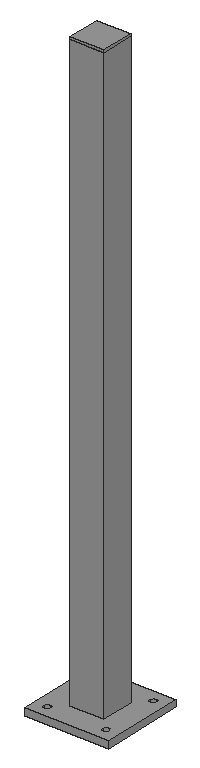
Revit family "Palmshield-Espalier-Single-Panel-Trellis-Post", category Specialty Equipment, Revit 2025
Family settings
  Round Connector Dimension = Use Diameter
  Part Type = Normal
  OmniClass Number = 23.55.00.00
  OmniClass Title = Manufactured Structures
  Work Plane-Based = No
  Enable Cutting in Views = No
  Always vertical = No
  Cut with Voids When Loaded = No
  Maintain Annotation Orientation = No
  Shared = No
  Room Calculation Point = No
Parameters (values of type "Assembly")
  Warranty URL = "https://palmshieldlouvers.com/wp-content/uploads/2020/01/PalmSHIELD-Warranty-NO-SIGN-LINE.pdf"
  Version = "2020 - v1.0a"  # constant formula
  URL = "https://palmshieldlouvers.com/"
  Product Page URL = "https://palmshieldlouvers.com/products/trellis-louvers/"
  Product Documentation Link = "https://palmshieldlouvers.com/wp-content/uploads/2022/03/PalmSHIELD-ESPALIER-trellis-panel-system-specifications-1.doc"
  Model = "Espalier Trellis System"  # constant formula
  Material = Metal - PalmSHIELD - Dusty Grey
  Manufacturer Phone Number = "531-329-4406 "  # constant formula
  Manufacturer Email = "mailto: info@palmshieldlouvers.com"
  Manufacturer Address = "12330 Cary Circle, La Vista, NE 68128"  # constant formula
  Manufacturer = "PalmSHIELD"  # constant formula
  Keynote = "05 10 00"
  Instruction Sheet Link = "https://palmshieldlouvers.com/wp-content/uploads/2020/01/PalmSHIELD-Post-Panel-Gate-Installation-Instructions-REV-1.pdf"
  ID [instance] = "Not Assigned"
  Height [instance] = if(Desired Overall Height < C Min Height, C Min Height, if(Desired Overall Height > C Max Height, C Max Height, Desired Overall Height))  # 6' - 0"
  Desired Overall Height [instance] = 6' - 0"
  Description = "Espalier Trellis System - Square Post"  # constant formula
  Default Elevation = 0' - 0"
  Copyright = "Copyright ©2024 The American Fence Company and PalmSHIELD. All Rights Reserved."  # constant formula
  Component Vis [instance] = yes
  Component Name [instance] = "Espalier Trellis System - Square Post"  # constant formula
  C Post Width = 0' - 4"  # constant formula
  C Min Height [instance] = 3' - 4"  # constant formula
  C Max Height [instance] = 10' - 0"  # constant formula
  Assembly Code = "F1020100"
Reference planes (in)
  plane 1 "Center (Front/Back)": y = 0
  plane 2: z = 0
  plane 3 "Center (Left/Right)": x = 0
  plane 4: z = 72
  plane 5: y = 2
  plane 6: y = -2
  plane 7: x = 2
  plane 8: x = -2
Lines and regions (in)
  reference lines
    curve 1: line (-24.29961, 0, 72) -> (24.70039, 0, 72)
Dimensions and locks (in)
  "Desired Overall Height": curve 1 to plane 2
  "Height": plane 4 to plane 2
  equal spacing: plane 8, plane 3 "Center (Left/Right)", plane 7
  equal spacing: plane 5, plane 1 "Center (Front/Back)", plane 6
  "C Post Width": plane 5 to plane 6
  "C Post Width": plane 8 to plane 7
  aligned and locked: plane 2 to level
Automatic sketch dimensions
  curve 1 to plane 8 = 1' - 10.29961"
  curve 1 to plane 7 = 1' - 10.70039"
Nested families (in)
  nested 1: "Screening-Louver-Assembly-Post-Palmshield-Espalier_Trellis_System" at (0, 0, 0), Desired Overall Height <- "Desired Overall Height", Overall Height <- "Height", ID <- "ID", Component Vis <- "Component Vis", type "Assembly"
    with Overall Height 6' - 0", ID "Not Assigned", Desired Overall Height 6' - 0", Component Vis yes, Component Name "Espalier Trellis System - Post Assembly"
  nested 2: "Nested-Base_Plate-Palmshield-Espalier_Trellis_System" at (0, 0, 0), type "10" x 10" x 3/4""
    with Material Metal - PalmSHIELD - Dusty Grey, ID "Not Assigned", Component Name "Espalier Trellis System - Aluminum - Base Plate"
  nested 3: "Nested-Square_Post-Aluminum-Palmshield-Espalier_Trellis_System" at (0, 0, 0.75), type "4" X 4" X 1/4" SQ. TUBE"
    with Material Metal - PalmSHIELD - Dusty Grey, Length 5' - 11", ID "Not Assigned", Component Name "Espalier Trellis System - Aluminum - Square Post"
  nested 4: "Nested-Top_Cap-Palmshield-Espalier_Trellis_System" at (0, 0, 71.75), type "4" x 4" x 1/4""
    with Material Metal - PalmSHIELD - Dusty Grey, ID "Not Assigned", Component Name "Espalier Trellis System - Aluminum - Square Top Cap"
Definition of nested family "Nested-Base_Plate-Palmshield-Espalier_Trellis_System"
  Parameters (values of type "10" x 10" x 3/4"")
    Width = if(Constraints = 1, 0' 10", 1' 2")  # 0' - 10"
    Warranty URL = "https://palmshieldlouvers.com/wp-content/uploads/2020/01/PalmSHIELD-Warranty-NO-SIGN-LINE.pdf"
    Version = "2020 - v1.0a"  # constant formula
    URL = "https://palmshieldlouvers.com/"
    Thickness = 0' - 0 3/4"  # constant formula
    Product Page URL = "https://palmshieldlouvers.com/products/trellis-louvers/"
    Product Documentation Link = "Contact Manufacturer for More Information"
    Model = "Espalier Trellis System - Single"  # constant formula
    Material [instance] = none
    Manufacturer Phone Number = "531-329-4406 "  # constant formula
    Manufacturer Fax Number = "Consult Manufacturer Website for More Information"  # constant formula
    Manufacturer Email = "mailto: info@palmshieldlouvers.com"
    Manufacturer Address = "12330 Cary Circle, La Vista, NE 68128"  # constant formula
    Manufacturer = "PalmSHIELD"  # constant formula
    Keynote = "05 10 00"
    Instruction Sheet Link = "https://palmshieldlouvers.com/wp-content/uploads/2020/01/PalmSHIELD-Post-Panel-Gate-Installation-Instructions-REV-1.pdf"
    ID [instance] = ""
    Hole Diameter = 0' - 0 3/4"  # constant formula
    Height = 0' - 10"  # constant formula
    Description = "Espalier Trellis System - Base Plate"  # constant formula
    Default Elevation = 4' - 0"
    Copyright = "Copyright ©2024 The American Fence Company and PalmSHIELD. All Rights Reserved."  # constant formula
    Constraints = 1
    Component Name [instance] = "Espalier Trellis System - Aluminum - Base Plate"  # constant formula
    C Hole Offset = 0' - 1 1/2"  # constant formula
    Assembly Code = "F1020100"
  Reference planes (in)
    plane 1 "Center (Front/Back)": y = 0
    plane 2: z = 0
    plane 3 "Center (Left/Right)": x = 0
    plane 4: y = 5
    plane 5: x = 5
    plane 6: y = -5
    plane 7: x = -5
    plane 8: z = 0.75
  Forms (in)
    Extrusion 1, solid
      sketch origin (0, 0, 0) x (1, 0, 0) y (0, 1, 0)
        loop
          line (-48, 48) -> (-48, -48) -> (48, -48) -> (48, 48) -> (-48, 48)
      from 0 to -12
    Extrusion 2, solid, material <- "Material"
      sketch origin (0, 0, 0) x (1, 0, 0) y (0, 1, 0)
        loop
          line (-5, 5) -> (-5, -5) -> (5, -5) -> (5, 5) -> (-5, 5)
        loop
          circle (-3.5, 3.5) r 0.375
        loop
          circle (3.5, 3.5) r 0.375
        loop
          circle (-3.5, -3.5) r 0.375
        loop
          circle (3.5, -3.5) r 0.375
      from 0 to 0.75
  Dimensions and locks (in)
    equal spacing: plane 7, plane 3 "Center (Left/Right)", plane 5
    equal spacing: plane 4, plane 1 "Center (Front/Back)", plane 6
    "Width": plane 7 to plane 5
    "Height": plane 4 to plane 6
    "C Hole Offset": plane 7 to Extrusion 2 sketch curve  (x2)
    "C Hole Offset": Extrusion 2 sketch curve to plane 5  (x2)
    "C Hole Offset": plane 4 to Extrusion 2 sketch curve  (x2)
    "C Hole Offset": plane 6 to Extrusion 2 sketch curve  (x2)
    "Thickness": plane 8 to plane 2
    "Width": Extrusion 2 to Extrusion 2
    "Hole Diameter": diameter of Extrusion 2 sketch curve  (x4)
    aligned and locked: plane 2 to Extrusion 1
    aligned and locked: level to Extrusion 1
    aligned and locked: Extrusion 2 sketch curve to plane 4
    aligned and locked: plane 7 to Extrusion 2 sketch curve
    aligned and locked: Extrusion 2 sketch curve to plane 6
    aligned and locked: Extrusion 2 sketch curve to plane 5
    aligned and locked: plane 8 to Extrusion 2
  Automatic sketch dimensions
    Extrusion 1 sketch curve to Extrusion 1 sketch curve = 8' - 0"  (x2)
Definition of nested family "Nested-Square_Post-Aluminum-Palmshield-Espalier_Trellis_System"
  Parameters (values of type "4" X 4" X 1/4" SQ. TUBE")
    Width = 0' - 4"  # constant formula
    Warranty URL = "https://palmshieldlouvers.com/wp-content/uploads/2020/01/PalmSHIELD-Warranty-NO-SIGN-LINE.pdf"
    Version = "2020 - v1.0a"  # constant formula
    URL = "https://palmshieldlouvers.com/"
    Thickness = 0' - 0 1/4"  # constant formula
    Product Page URL = "https://palmshieldlouvers.com/products/trellis-louvers/"
    Product Documentation Link = "Contact Manufacturer for More Information"
    Model = "Espalier Trellis System - Single"  # constant formula
    Material [instance] = none
    Manufacturer Phone Number = "531-329-4406 "  # constant formula
    Manufacturer Fax Number = "Consult Manufacturer Website for More Information"  # constant formula
    Manufacturer Email = "mailto: info@palmshieldlouvers.com"
    Manufacturer Address = "12330 Cary Circle, La Vista, NE 68128"  # constant formula
    Manufacturer = "PalmSHIELD"  # constant formula
    Length [instance] = 4' - 4.86713"
    Keynote = "05 10 00"
    Instruction Sheet Link = "https://palmshieldlouvers.com/wp-content/uploads/2020/01/PalmSHIELD-Post-Panel-Gate-Installation-Instructions-REV-1.pdf"
    ID [instance] = ""
    Description = "Espalier Trellis System - Post"  # constant formula
    Default Elevation = 4' - 0"
    Copyright = "Copyright ©2024 The American Fence Company and PalmSHIELD. All Rights Reserved."  # constant formula
    Component Name [instance] = "Espalier Trellis System - Aluminum - Square Post"  # constant formula
    Assembly Code = "F1020100"
  Reference planes (in)
    plane 1 "Center (Front/Back)": y = 0
    plane 2: z = 0
    plane 3 "Center (Left/Right)": x = 0
    plane 4: z = 52.86713
    plane 5: x = 2
    plane 6: x = -2
  Forms (in)
    Extrusion 1, solid
      sketch origin (0, 0, 0) x (1, 0, 0) y (0, 1, 0)
        loop
          line (-48, 48) -> (-48, -48) -> (48, -48) -> (48, 48) -> (-48, 48)
      from 0 to -12
    Sweep 2, solid, material <- "Material"
      path origin (0, 0, 0) x (0, 1, 0) y (0, 0, 1)
        loop
          line (0, 0) -> (0, 52.86713)
      profile "Profile-Palmshield-Square : 4" X 4" X 1/4" SQ. TUBE" origin (0, 0, 26.43357) x (0, -1, 0) y (1, 0, 0)
        loop
          line (1.75, 1.75) -> (-1.75, 1.75) -> (-1.75, -1.75) -> (1.75, -1.75) -> (1.75, 1.75)
        loop
          line (-2, -2) -> (2, -2) -> (2, 2) -> (-2, 2) -> (-2, -2)
  Dimensions and locks (in)
    "Length": plane 4 to plane 2
    equal spacing: plane 5, plane 3 "Center (Left/Right)", plane 6
    "Width": plane 5 to plane 6
    aligned and locked: plane 2 to Extrusion 1
    aligned and locked: level to Extrusion 1
    aligned and locked: plane 1 "Center (Front/Back)" to Sweep 2 sketch curve
    aligned and locked: plane 4 to Sweep 2 sketch curve
  Automatic sketch dimensions
    Extrusion 1 sketch curve to Extrusion 1 sketch curve = 8' - 0"  (x2)
    Sweep 2 sketch curve to level = 0' - 0"
Definition of nested family "Nested-Top_Cap-Palmshield-Espalier_Trellis_System"
  Parameters (values of type "4" x 4" x 1/4"")
    Width = 0' - 4"  # constant formula
    Warranty URL = "https://palmshieldlouvers.com/wp-content/uploads/2020/01/PalmSHIELD-Warranty-NO-SIGN-LINE.pdf"
    Version = "2020 - v1.0a"  # constant formula
    URL = "https://palmshieldlouvers.com/"
    Thickness = 0' - 0 1/4"  # constant formula
    Product Page URL = "https://palmshieldlouvers.com/products/trellis-louvers/"
    Product Documentation Link = "Contact Manufacturer for More Information"
    Model = "Espalier Trellis System - Single"  # constant formula
    Material [instance] = none
    Manufacturer Phone Number = "531-329-4406 "  # constant formula
    Manufacturer Fax Number = "Consult Manufacturer Website for More Information"  # constant formula
    Manufacturer Email = "mailto: info@palmshieldlouvers.com"
    Manufacturer Address = "12330 Cary Circle, La Vista, NE 68128"  # constant formula
    Manufacturer = "PalmSHIELD"  # constant formula
    Keynote = "05 10 00"
    Instruction Sheet Link = "https://palmshieldlouvers.com/wp-content/uploads/2020/01/PalmSHIELD-Post-Panel-Gate-Installation-Instructions-REV-1.pdf"
    ID [instance] = ""
    Description = "Espalier Trellis System - Top Cap"  # constant formula
    Default Elevation = 4' - 0"
    Copyright = "Copyright ©2024 The American Fence Company and PalmSHIELD. All Rights Reserved."  # constant formula
    Component Name [instance] = "Espalier Trellis System - Aluminum - Square Top Cap"  # constant formula
    Assembly Code = "F1020100"
  Reference planes (in)
    plane 1 "Center (Front/Back)": y = 0
    plane 2: z = 0
    plane 3 "Center (Left/Right)": x = 0
    plane 4: y = 2
    plane 5: x = 2
    plane 6: y = -2
    plane 7: x = -2
    plane 8: z = 0.25
  Forms (in)
    Extrusion 1, solid
      sketch origin (0, 0, 0) x (1, 0, 0) y (0, 1, 0)
        loop
          line (-48, 48) -> (-48, -48) -> (48, -48) -> (48, 48) -> (-48, 48)
      from 0 to -12
    Extrusion 2, solid, material <- "Material"
      sketch origin (0, 0, 0) x (1, 0, 0) y (0, 1, 0)
        loop
          line (-2, 2) -> (-2, -2) -> (2, -2) -> (2, 2) -> (-2, 2)
      from 0 to 0.25
  Dimensions and locks (in)
    equal spacing: plane 7, plane 3 "Center (Left/Right)", plane 5
    equal spacing: plane 4, plane 1 "Center (Front/Back)", plane 6
    "Width": plane 7 to plane 5
    "Width": plane 4 to plane 6
    "Thickness": plane 8 to plane 2
    aligned and locked: plane 2 to Extrusion 1
    aligned and locked: level to Extrusion 1
    aligned and locked: Extrusion 2 sketch curve to plane 4
    aligned and locked: plane 7 to Extrusion 2 sketch curve
    aligned and locked: Extrusion 2 sketch curve to plane 6
    aligned and locked: Extrusion 2 sketch curve to plane 5
    aligned and locked: plane 8 to Extrusion 2
  Automatic sketch dimensions
    Extrusion 1 sketch curve to Extrusion 1 sketch curve = 8' - 0"  (x2)
Definition of nested family "Screening-Louver-Assembly-Post-Palmshield-Espalier_Trellis_System"
  Parameters (values of type "Default")
    Width = 0' - 4"  # constant formula
    Warranty URL = "https://palmshieldlouvers.com/wp-content/uploads/2020/01/PalmSHIELD-Warranty-NO-SIGN-LINE.pdf"
    Version = "2020 - v1.0a"  # constant formula
    URL = "https://palmshieldlouvers.com/"
    Top Cap Thickness = 0' - 0 1/8"  # constant formula
    Product Page URL = "https://palmshieldlouvers.com/products/trellis-louvers/"
    Product Documentation Link = "Contact Manufacturer for More Information"
    Overall Height [instance] = if(Desired Overall Height < 3' 0", 3' 0", if(Desired Overall Height > 10' 0", 10' 0", Desired Overall Height))  # 6' - 0"
    Model = "Espalier Trellis System - Single"  # constant formula
    Material = none
    Manufacturer Phone Number = "531-329-4406 "  # constant formula
    Manufacturer Fax Number = "Consult Manufacturer Website for More Information"  # constant formula
    Manufacturer Email = "mailto: info@palmshieldlouvers.com"
    Manufacturer Address = "12330 Cary Circle, La Vista, NE 68128"  # constant formula
    Manufacturer = "PalmSHIELD"  # constant formula
    Keynote = "05 10 00"
    Instruction Sheet Link = "https://palmshieldlouvers.com/wp-content/uploads/2020/01/PalmSHIELD-Post-Panel-Gate-Installation-Instructions-REV-1.pdf"
    ID [instance] = "Not Assigned"
    Desired Overall Height [instance] = 6' - 0"
    Description = "Espalier Trellis System - Post Assembly"  # constant formula
    Default Elevation = 4' - 0"
    Copyright = "Copyright ©2024 The American Fence Company and PalmSHIELD. All Rights Reserved."  # constant formula
    Component Vis [instance] = yes
    Component Name [instance] = "Espalier Trellis System - Post Assembly"  # constant formula
    Base Plate Thickness = 0' - 0 3/4"  # constant formula
    Assembly Code = "F1020100"
  Reference planes (in)
    plane 1 "Center (Front/Back)": y = 0
    plane 2: z = 0
    plane 3 "Center (Left/Right)": x = 0
    plane 4: x = 2
    plane 5: x = -2
    plane 6: z = 72
    plane 7: z = 2
    plane 8: z = 71.75
  Forms (in)
    Extrusion 1, solid
      sketch origin (0, 0, 0) x (1, 0, 0) y (0, 1, 0)
        loop
          line (-48, 48) -> (-48, -48) -> (48, -48) -> (48, 48) -> (-48, 48)
      from 0 to -12
  Lines and regions (in)
    reference lines
      curve 1: line (-64.16684, 0, 72) -> (79.83316, 0, 72)
  Dimensions and locks (in)
    equal spacing: plane 4, plane 3 "Center (Left/Right)", plane 5
    "Width": plane 4 to plane 5
    plane 7 to plane 2 = 0' - 2"
    plane 3 "Center (Left/Right)" to nested 2 = 0' - 0"
    plane 3 "Center (Left/Right)" to nested 3 = 0' - 0"
    locked: plane 6 to plane 8 at 0.25
    "Desired Overall Height": curve 1 to plane 2
    "Overall Height": plane 6 to plane 2
    aligned and locked: plane 2 to Extrusion 1
    aligned and locked: level to Extrusion 1
    aligned and locked: plane 1 "Center (Front/Back)" to nested 1
    aligned and locked: plane 1 "Center (Front/Back)" to nested 3
    aligned and locked: plane 3 "Center (Left/Right)" to nested 1
    aligned and locked: nested 2 to plane 8
  Automatic sketch dimensions
    Extrusion 1 sketch curve to Extrusion 1 sketch curve = 8' - 0"  (x2)
    curve 1 to plane 5 = 5' - 2.16684"
    plane 4 to curve 1 = 6' - 5.83316"
  Nested families (in)
    nested 1: "Nested-Base_Plate-Palmshield-Espalier_Trellis_System" at (0, 0, 0), ID <- "ID", Material <- "Material", visible <- "Component Vis", type "10" x 10" x 3/4""
      with Material none, ID "Not Assigned", Component Name "Espalier Trellis System - Aluminum - Base Plate"
    nested 2: "Nested-Square_Post-Aluminum-Palmshield-Espalier_Trellis_System" at (0, 0, 0.75), ID <- "ID", Material <- "Material", visible <- "Component Vis", type "4" X 4" X 1/4" SQ. TUBE"
      with Material none, Length 5' - 11", ID "Not Assigned", Component Name "Espalier Trellis System - Aluminum - Square Post"
    nested 3: "Nested-Top_Cap-Palmshield-Espalier_Trellis_System" at (0, 0, 71.75), ID <- "ID", Material <- "Material", visible <- "Component Vis", type "4" x 4" x 1/4""
      with Material none, ID "Not Assigned", Component Name "Espalier Trellis System - Aluminum - Square Top Cap"
  Definition of nested family "Nested-Base_Plate-Palmshield-Espalier_Trellis_System"
    Parameters (values of type "10" x 10" x 3/4"")
      Width = if(Constraints = 1, 0' 10", 1' 2")  # 0' - 10"
      Warranty URL = "https://palmshieldlouvers.com/wp-content/uploads/2020/01/PalmSHIELD-Warranty-NO-SIGN-LINE.pdf"
      Version = "2020 - v1.0a"  # constant formula
      URL = "https://palmshieldlouvers.com/"
      Thickness = 0' - 0 3/4"  # constant formula
      Product Page URL = "https://palmshieldlouvers.com/products/trellis-louvers/"
      Product Documentation Link = "Contact Manufacturer for More Information"
      Model = "Espalier Trellis System - Single"  # constant formula
      Material [instance] = none
      Manufacturer Phone Number = "531-329-4406 "  # constant formula
      Manufacturer Fax Number = "Consult Manufacturer Website for More Information"  # constant formula
      Manufacturer Email = "mailto: info@palmshieldlouvers.com"
      Manufacturer Address = "12330 Cary Circle, La Vista, NE 68128"  # constant formula
      Manufacturer = "PalmSHIELD"  # constant formula
      Keynote = "05 10 00"
      Instruction Sheet Link = "https://palmshieldlouvers.com/wp-content/uploads/2020/01/PalmSHIELD-Post-Panel-Gate-Installation-Instructions-REV-1.pdf"
      ID [instance] = ""
      Hole Diameter = 0' - 0 3/4"  # constant formula
      Height = 0' - 10"  # constant formula
      Description = "Espalier Trellis System - Base Plate"  # constant formula
      Default Elevation = 4' - 0"
      Copyright = "Copyright ©2024 The American Fence Company and PalmSHIELD. All Rights Reserved."  # constant formula
      Constraints = 1
      Component Name [instance] = "Espalier Trellis System - Aluminum - Base Plate"  # constant formula
      C Hole Offset = 0' - 1 1/2"  # constant formula
      Assembly Code = "F1020100"
    Reference planes (in)
      plane 1 "Center (Front/Back)": y = 0
      plane 2: z = 0
      plane 3 "Center (Left/Right)": x = 0
      plane 4: y = 5
      plane 5: x = 5
      plane 6: y = -5
      plane 7: x = -5
      plane 8: z = 0.75
    Forms (in)
      Extrusion 1, solid
        sketch origin (0, 0, 0) x (1, 0, 0) y (0, 1, 0)
          loop
            line (-48, 48) -> (-48, -48) -> (48, -48) -> (48, 48) -> (-48, 48)
        from 0 to -12
      Extrusion 2, solid, material <- "Material"
        sketch origin (0, 0, 0) x (1, 0, 0) y (0, 1, 0)
          loop
            line (-5, 5) -> (-5, -5) -> (5, -5) -> (5, 5) -> (-5, 5)
          loop
            circle (-3.5, 3.5) r 0.375
          loop
            circle (3.5, 3.5) r 0.375
          loop
            circle (-3.5, -3.5) r 0.375
          loop
            circle (3.5, -3.5) r 0.375
        from 0 to 0.75
    Dimensions and locks (in)
      equal spacing: plane 7, plane 3 "Center (Left/Right)", plane 5
      equal spacing: plane 4, plane 1 "Center (Front/Back)", plane 6
      "Width": plane 7 to plane 5
      "Height": plane 4 to plane 6
      "C Hole Offset": plane 7 to Extrusion 2 sketch curve  (x2)
      "C Hole Offset": Extrusion 2 sketch curve to plane 5  (x2)
      "C Hole Offset": plane 4 to Extrusion 2 sketch curve  (x2)
      "C Hole Offset": plane 6 to Extrusion 2 sketch curve  (x2)
      "Thickness": plane 8 to plane 2
      "Width": Extrusion 2 to Extrusion 2
      "Hole Diameter": diameter of Extrusion 2 sketch curve  (x4)
      aligned and locked: plane 2 to Extrusion 1
      aligned and locked: level to Extrusion 1
      aligned and locked: Extrusion 2 sketch curve to plane 4
      aligned and locked: plane 7 to Extrusion 2 sketch curve
      aligned and locked: Extrusion 2 sketch curve to plane 6
      aligned and locked: Extrusion 2 sketch curve to plane 5
      aligned and locked: plane 8 to Extrusion 2
    Automatic sketch dimensions
      Extrusion 1 sketch curve to Extrusion 1 sketch curve = 8' - 0"  (x2)
  Definition of nested family "Nested-Square_Post-Aluminum-Palmshield-Espalier_Trellis_System"
    Parameters (values of type "4" X 4" X 1/4" SQ. TUBE")
      Width = 0' - 4"  # constant formula
      Warranty URL = "https://palmshieldlouvers.com/wp-content/uploads/2020/01/PalmSHIELD-Warranty-NO-SIGN-LINE.pdf"
      Version = "2020 - v1.0a"  # constant formula
      URL = "https://palmshieldlouvers.com/"
      Thickness = 0' - 0 1/4"  # constant formula
      Product Page URL = "https://palmshieldlouvers.com/products/trellis-louvers/"
      Product Documentation Link = "Contact Manufacturer for More Information"
      Model = "Espalier Trellis System - Single"  # constant formula
      Material [instance] = none
      Manufacturer Phone Number = "531-329-4406 "  # constant formula
      Manufacturer Fax Number = "Consult Manufacturer Website for More Information"  # constant formula
      Manufacturer Email = "mailto: info@palmshieldlouvers.com"
      Manufacturer Address = "12330 Cary Circle, La Vista, NE 68128"  # constant formula
      Manufacturer = "PalmSHIELD"  # constant formula
      Length [instance] = 4' - 4.86713"
      Keynote = "05 10 00"
      Instruction Sheet Link = "https://palmshieldlouvers.com/wp-content/uploads/2020/01/PalmSHIELD-Post-Panel-Gate-Installation-Instructions-REV-1.pdf"
      ID [instance] = ""
      Description = "Espalier Trellis System - Post"  # constant formula
      Default Elevation = 4' - 0"
      Copyright = "Copyright ©2024 The American Fence Company and PalmSHIELD. All Rights Reserved."  # constant formula
      Component Name [instance] = "Espalier Trellis System - Aluminum - Square Post"  # constant formula
      Assembly Code = "F1020100"
    Reference planes (in)
      plane 1 "Center (Front/Back)": y = 0
      plane 2: z = 0
      plane 3 "Center (Left/Right)": x = 0
      plane 4: z = 52.86713
      plane 5: x = 2
      plane 6: x = -2
    Forms (in)
      Extrusion 1, solid
        sketch origin (0, 0, 0) x (1, 0, 0) y (0, 1, 0)
          loop
            line (-48, 48) -> (-48, -48) -> (48, -48) -> (48, 48) -> (-48, 48)
        from 0 to -12
      Sweep 2, solid, material <- "Material"
        path origin (0, 0, 0) x (0, 1, 0) y (0, 0, 1)
          loop
            line (0, 0) -> (0, 52.86713)
        profile "Profile-Palmshield-Square : 4" X 4" X 1/4" SQ. TUBE" origin (0, 0, 26.43357) x (0, -1, 0) y (1, 0, 0)
          loop
            line (1.75, 1.75) -> (-1.75, 1.75) -> (-1.75, -1.75) -> (1.75, -1.75) -> (1.75, 1.75)
          loop
            line (-2, -2) -> (2, -2) -> (2, 2) -> (-2, 2) -> (-2, -2)
    Dimensions and locks (in)
      "Length": plane 4 to plane 2
      equal spacing: plane 5, plane 3 "Center (Left/Right)", plane 6
      "Width": plane 5 to plane 6
      aligned and locked: plane 2 to Extrusion 1
      aligned and locked: level to Extrusion 1
      aligned and locked: plane 1 "Center (Front/Back)" to Sweep 2 sketch curve
      aligned and locked: plane 4 to Sweep 2 sketch curve
    Automatic sketch dimensions
      Extrusion 1 sketch curve to Extrusion 1 sketch curve = 8' - 0"  (x2)
      Sweep 2 sketch curve to level = 0' - 0"
  Definition of nested family "Nested-Top_Cap-Palmshield-Espalier_Trellis_System"
    Parameters (values of type "4" x 4" x 1/4"")
      Width = 0' - 4"  # constant formula
      Warranty URL = "https://palmshieldlouvers.com/wp-content/uploads/2020/01/PalmSHIELD-Warranty-NO-SIGN-LINE.pdf"
      Version = "2020 - v1.0a"  # constant formula
      URL = "https://palmshieldlouvers.com/"
      Thickness = 0' - 0 1/4"  # constant formula
      Product Page URL = "https://palmshieldlouvers.com/products/trellis-louvers/"
      Product Documentation Link = "Contact Manufacturer for More Information"
      Model = "Espalier Trellis System - Single"  # constant formula
      Material [instance] = none
      Manufacturer Phone Number = "531-329-4406 "  # constant formula
      Manufacturer Fax Number = "Consult Manufacturer Website for More Information"  # constant formula
      Manufacturer Email = "mailto: info@palmshieldlouvers.com"
      Manufacturer Address = "12330 Cary Circle, La Vista, NE 68128"  # constant formula
      Manufacturer = "PalmSHIELD"  # constant formula
      Keynote = "05 10 00"
      Instruction Sheet Link = "https://palmshieldlouvers.com/wp-content/uploads/2020/01/PalmSHIELD-Post-Panel-Gate-Installation-Instructions-REV-1.pdf"
      ID [instance] = ""
      Description = "Espalier Trellis System - Top Cap"  # constant formula
      Default Elevation = 4' - 0"
      Copyright = "Copyright ©2024 The American Fence Company and PalmSHIELD. All Rights Reserved."  # constant formula
      Component Name [instance] = "Espalier Trellis System - Aluminum - Square Top Cap"  # constant formula
      Assembly Code = "F1020100"
    Reference planes (in)
      plane 1 "Center (Front/Back)": y = 0
      plane 2: z = 0
      plane 3 "Center (Left/Right)": x = 0
      plane 4: y = 2
      plane 5: x = 2
      plane 6: y = -2
      plane 7: x = -2
      plane 8: z = 0.25
    Forms (in)
      Extrusion 1, solid
        sketch origin (0, 0, 0) x (1, 0, 0) y (0, 1, 0)
          loop
            line (-48, 48) -> (-48, -48) -> (48, -48) -> (48, 48) -> (-48, 48)
        from 0 to -12
      Extrusion 2, solid, material <- "Material"
        sketch origin (0, 0, 0) x (1, 0, 0) y (0, 1, 0)
          loop
            line (-2, 2) -> (-2, -2) -> (2, -2) -> (2, 2) -> (-2, 2)
        from 0 to 0.25
    Dimensions and locks (in)
      equal spacing: plane 7, plane 3 "Center (Left/Right)", plane 5
      equal spacing: plane 4, plane 1 "Center (Front/Back)", plane 6
      "Width": plane 7 to plane 5
      "Width": plane 4 to plane 6
      "Thickness": plane 8 to plane 2
      aligned and locked: plane 2 to Extrusion 1
      aligned and locked: level to Extrusion 1
      aligned and locked: Extrusion 2 sketch curve to plane 4
      aligned and locked: plane 7 to Extrusion 2 sketch curve
      aligned and locked: Extrusion 2 sketch curve to plane 6
      aligned and locked: Extrusion 2 sketch curve to plane 5
      aligned and locked: plane 8 to Extrusion 2
    Automatic sketch dimensions
      Extrusion 1 sketch curve to Extrusion 1 sketch curve = 8' - 0"  (x2)
